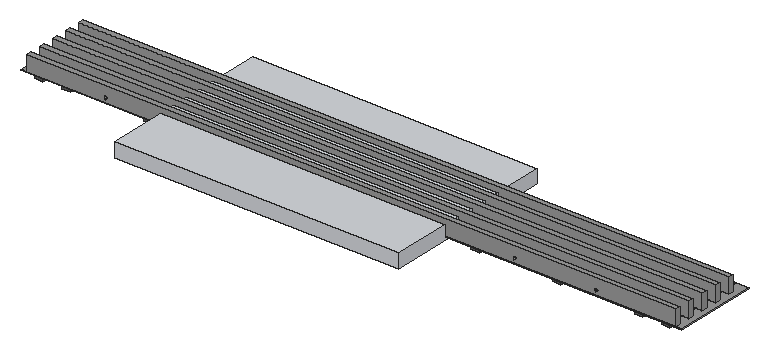
Revit family "1413-5, Solid", category Generic Models, host Face, Revit 2020
Family settings
  Host = Face
  Can host rebar = No
  Round Connector Dimension = Use Diameter
  Part Type = Normal
  Cut with Voids When Loaded = No
  Shared = No
  Room Calculation Point = No
Parameters
  min_value [instance] = 2' - 4"  # constant formula
  max_value [instance] = 11' - 11 1/4"  # constant formula
  actual_value [instance] = if(NET LENGTH < min_value, min_value, if(NET LENGTH > max_value, max_value, NET LENGTH))  # 7' - 11 1/4"
  SCRIM MATERIAL [instance] = SCRIM
  SCRIM APPEARANCE [instance] = yes
  NET LENGTH [instance] = 7' - 11 1/4"
  IMPORTANT NOTE!!!                                                                             *Backer & dowel layout is for visualization purposes only, final layout to be determined by 9Wood. [instance] = ""
  Default Elevation = 4' - 0"
  DOWEL RADIUS [instance] = 0' - 0 1/4"  # constant formula
  BACKER & DOWEL MATERIAL [instance] = BLACK-BACKERS
  .. MEMBER WIDTH [instance] = 0' - 0 3/4"  # constant formula
  .. MEMBER MATERIAL [instance] = Solid Western Hemlock
  .. MEMBER DEPTH [instance] = 0' - 2 1/4"  # constant formula
  .. MEMBER COUNT [instance] = 5  # constant formula
Reference planes (in)
  plane 1 "Center (Front/Back)": y = 0
  plane 2: z = 0
  plane 3 "Center (Left/Right)": x = 0
Forms (in)
  Extrusion 1, solid
    sketch origin (0, 0, 0) x (1, 0, 0) y (0, 1, 0)
      loop
        line (-24.24823, 14.63962) -> (-24.24823, -10.69266) -> (17.36192, -10.69266) -> (17.36192, 14.63962) -> (-24.24823, 14.63962)
    from 0 to 2.0625
Dimensions and locks (in)
  aligned and locked: plane 2 to Extrusion 1
Nested families (in)
  nested 1: "1400 series" at (-44.01308, -2.1224, 0.00189), NET LENGTH <- "actual_value", .. MEMBER DEPTH <- ".. MEMBER DEPTH", .. MEMBER WIDTH <- ".. MEMBER WIDTH", DOWEL RADIUS <- "DOWEL RADIUS", BACKER & DOWEL MATERIAL <- "BACKER & DOWEL MATERIAL", .. MEMBER MATERIAL <- ".. MEMBER MATERIAL", SCRIM MATERIAL <- "SCRIM MATERIAL", MEMBER COUNT <- ".. MEMBER COUNT", SCRIM APPEARANCE <- "SCRIM APPEARANCE", type "1400 series"
    with X 7' - 8", SCRIM MATERIAL SCRIM, SCRIM LENGTH 8' - 1", SCRIM APPEARANCE yes, SCRIM 2 0' - 0 7/8", SCRIM 1 0' - 0 3/32", OC TYP 1' - 0", NET LENGTH 7' - 11 1/4", N 8, MEMBER COUNT 5, INSET 2 0' - 0 3/16", INSET 0' - 1", HALF MEMBER WIDTH 0' - 0 3/8", END BACKER yes, DOWEL RADIUS 0' - 0 1/4", DOWEL INDEX 0' - 11 5/8", DOWEL COUNT 7, BACKING M COUNT 8, BACKER WIDTH 0' - 1 1/4", BACKER INDEX 0' - 5 5/8", BACKER DEPTH 0' - 0 1/2", BACKER & DOWEL MATERIAL BLACK-BACKERS, BACKER &  DOWEL LENGTH 0' - 11 7/8", .. MEMBER WIDTH 0' - 0 3/4", .. MEMBER OC TYP 0' - 2.4", .. MEMBER MATERIAL Solid Western Hemlock, .. MEMBER DEPTH 0' - 2 1/4"
Definition of nested family "1400 series"
  Parameters (values of type "1400 series")
    X [instance] = NET LENGTH - 0' 3 1/4"  # 7' - 2"
    SCRIM MATERIAL [instance] = none
    SCRIM APPEARANCE [instance] = yes
    SCRIM 2 [instance] = 0' - 0 7/8"  # constant formula
    SCRIM 1 [instance] = 0' - 0 3/32"  # constant formula
    OC TYP [instance] = 1' - 0"  # constant formula
    N [instance] = if((X - (rounddown(X / 1' 0") * 1' 0")) > 1' 0", rounddown(X / 1' 0") + 2, rounddown(X / 1' 0") + 1)  # 8
    MEMBER COUNT [instance] = 2
    INSET 5 = 0' - 0 11/16"  # constant formula
    INSET 2 [instance] = 0' - 0 3/16"  # constant formula
    INSET [instance] = 0' - 1"  # constant formula
    END BACKER [instance] = BACKER INDEX > 0' 3 5/8"  # no
    HALF MEMBER WIDTH [instance] = .. MEMBER WIDTH / 2  # 0' - 1 1/8"
    Default Elevation = 0' - 0"
    DOWEL RADIUS [instance] = 0' - 0 1/4"
    DOWEL INDEX [instance] = BACKER INDEX + 0' 6"  # 0' - 8 5/8"
    DOWEL COUNT [instance] = N - 1  # 7
    BACKER WIDTH [instance] = 0' - 1 1/4"  # constant formula
    BACKER INDEX [instance] = (NET LENGTH - ((N - 1) * 1' 0")) / 2  # 0' - 2 5/8"
    BACKER DEPTH [instance] = 0' - 0 1/2"  # constant formula
    BACKING M COUNT [instance] = N  # 8
    BACKER & DOWEL MATERIAL [instance] = none
    BACKER &  DOWEL LENGTH [instance] = 0' - 11 7/8"  # constant formula
    SCRIM LENGTH [instance] = NET LENGTH + (SCRIM 2 * 2)  # 7' - 7"
    .. MEMBER WIDTH [instance] = 0' - 2 1/4"
    .. MEMBER OC TYP [instance] = 1' 0" / MEMBER COUNT  # 0' - 6"
    .. MEMBER MATERIAL [instance] = none
    NET LENGTH [instance] = 7' - 5 1/4"
    .. MEMBER DEPTH [instance] = 0' - 4"
  Reference planes (in)
    plane 1 "Center (Front/Back)": y = 0
    plane 2: z = 0
    plane 3 "Center (Left/Right)": x = 0
    plane 4: x = 89.25
    plane 5: x = 1
    plane 6: x = 88.25
    plane 7: x = 2.625
    plane 8: x = 8.625
    plane 9: x = 14.625
    plane 10: x = 20.625
    plane 11: y = 0.1875
    plane 12: y = 1.125
    plane 13: y = 7.125
    plane 14: y = 12.0625
    plane 15: x = 90.125
    plane 16: x = -0.875
    plane 17: y = 12.15625
    plane 18: y = -0.09375
    plane 19: z = 2.7097
    plane 20: z = 0.49811
    plane 21: z = 0.56061
    plane 22: z = 1.24811
  Lines and regions (in)
    model lines, not visible
      curve 1: line (8.625, 0, 0.99811) -> (8.625, 0, 1.49811)
      curve 2: line (8.625, 0, 1.49811) -> (8.375, 0, 1.24811)
      curve 3: line (8.375, 0, 1.24811) -> (8.875, 0, 1.24811)
      curve 4: line (20.625, 0, 0.99811) -> (20.625, 0, 1.49811)
      curve 5: line (20.625, 0, 1.49811) -> (20.375, 0, 1.24811)
      curve 6: line (20.375, 0, 1.24811) -> (20.875, 0, 1.24811)
      curve 7: line (32.625, 0, 0.99811) -> (32.625, 0, 1.49811)
      curve 8: line (32.625, 0, 1.49811) -> (32.375, 0, 1.24811)
      curve 9: line (32.375, 0, 1.24811) -> (32.875, 0, 1.24811)
      curve 10: line (44.625, 0, 0.99811) -> (44.625, 0, 1.49811)
      curve 11: line (44.625, 0, 1.49811) -> (44.375, 0, 1.24811)
      curve 12: line (44.375, 0, 1.24811) -> (44.875, 0, 1.24811)
      curve 13: line (56.625, 0, 0.99811) -> (56.625, 0, 1.49811)
      curve 14: line (56.625, 0, 1.49811) -> (56.375, 0, 1.24811)
      curve 15: line (56.375, 0, 1.24811) -> (56.875, 0, 1.24811)
      curve 16: line (68.625, 0, 0.99811) -> (68.625, 0, 1.49811)
      curve 17: line (68.625, 0, 1.49811) -> (68.375, 0, 1.24811)
      curve 18: line (68.375, 0, 1.24811) -> (68.875, 0, 1.24811)
      curve 19: line (80.625, 0, 0.99811) -> (80.625, 0, 1.49811)
      curve 20: line (80.625, 0, 1.49811) -> (80.375, 0, 1.24811)
      curve 21: line (80.375, 0, 1.24811) -> (80.875, 0, 1.24811)
  Dimensions and locks (in)
    "INSET": plane 3 "Center (Left/Right)" to plane 5
    "NET LENGTH": plane 3 "Center (Left/Right)" to plane 4
    "INSET": plane 6 to plane 4
    "BACKER INDEX": plane 3 "Center (Left/Right)" to plane 7
    "DOWEL INDEX": plane 3 "Center (Left/Right)" to plane 8
    "OC TYP": plane 7 to plane 9
    "OC TYP": plane 8 to plane 10
    "INSET 2": plane 1 "Center (Front/Back)" to plane 11
    equal spacing: group 1, group 2, group 5, group 6, group 7, group 13, group 14, group 16  (x3)
    equal spacing: group 3, group 4, group 8, group 9, group 10, group 15, group 17  (x3)
    group 11 to group 12 = 0' - 0"  (x2)
    group 11 to group 12 = 0' - 6"
    ".. MEMBER OC TYP": plane 13 to plane 12
    "HALF MEMBER WIDTH": plane 1 "Center (Front/Back)" to plane 12
    "SCRIM 2": plane 16 to plane 3 "Center (Left/Right)"
    "SCRIM 2": plane 4 to plane 15
    "SCRIM 1": plane 18 to plane 1 "Center (Front/Back)"
    "SCRIM 1": plane 17 to plane 14
    "INSET 5": plane 22 to plane 21
    aligned and locked: level to plane 2
    aligned and locked: plane 7 to nested 2
    aligned and locked: plane 5 to nested 1
    aligned and locked: plane 9 to nested 3
    aligned and locked: nested 1 to plane 5
    aligned and locked: nested 2 to plane 11
    aligned and locked: nested 1 to plane 11
    aligned and locked: nested 3 to plane 11
    aligned and locked: nested 4 to plane 11  (x2)
    aligned and locked: plane 10 to nested 5
    aligned and locked: plane 6 to nested 12
    aligned and locked: nested 5 to plane 11
    aligned and locked: plane 11 to nested 12
    aligned and locked: plane 12 to nested 13
    aligned and locked: nested 14 to plane 13
    aligned and locked: plane 14 to nested 8
    aligned and locked: plane 16 to nested 15
    aligned and locked: nested 15 to plane 18
    aligned and locked: nested 15 to plane 17
    aligned and locked: nested 15 to plane 16  (x2)
    aligned and locked: nested 1 to level
    aligned and locked: level to nested 3
    aligned and locked: plane 20 to nested 2
    aligned and locked: plane 20 to nested 1
    aligned and locked: plane 20 to nested 3
    aligned and locked: nested 12 to plane 20
    aligned and locked: nested 15 to plane 20
    aligned and locked: plane 21 to nested 15
    aligned and locked: nested 13 to plane 21
    aligned and locked: plane 22 to nested 4
    aligned and locked: plane 22 to nested 5
    aligned and locked: nested 13 to plane 8
    aligned and locked: plane 10 to nested 13
    aligned and locked: curve 1 to nested 13
    aligned and locked: nested 13 to curve 4
  Automatic sketch dimensions
    curve 3 to curve 1 = 0' - 0 1/4"  (x2)
    curve 1 to curve 3 = 0' - 0 1/4"
    curve 1 to curve 2 = 0' - 0 1/4"
    curve 6 to curve 4 = 0' - 0 1/4"  (x2)
    curve 4 to curve 6 = 0' - 0 1/4"
    curve 4 to curve 5 = 0' - 0 1/4"
    curve 9 to curve 7 = 0' - 0 1/4"  (x2)
    curve 7 to curve 9 = 0' - 0 1/4"
    curve 7 to curve 8 = 0' - 0 1/4"
    curve 12 to curve 10 = 0' - 0 1/4"  (x2)
    curve 10 to curve 12 = 0' - 0 1/4"
    curve 10 to curve 11 = 0' - 0 1/4"
    curve 15 to curve 13 = 0' - 0 1/4"  (x2)
    curve 13 to curve 15 = 0' - 0 1/4"
    curve 13 to curve 14 = 0' - 0 1/4"
    curve 18 to curve 16 = 0' - 0 1/4"  (x2)
    curve 16 to curve 18 = 0' - 0 1/4"
    curve 16 to curve 17 = 0' - 0 1/4"
    curve 21 to curve 19 = 0' - 0 1/4"  (x2)
    curve 19 to curve 21 = 0' - 0 1/4"
    curve 19 to curve 20 = 0' - 0 1/4"
  Nested families (in)
    nested 1: "INSTANCE - 3RD -  EXTEND BOTH SIDES - Parametric Cube.0001" at (1, 0.1875, 0.49811), Length <- "BACKER &  DOWEL LENGTH", Width <- "BACKER WIDTH", Height <- "BACKER DEPTH", Material <- "BACKER & DOWEL MATERIAL", visible <- "END BACKER", type "INSTANCE - 3RD -  EXTEND BOTH SIDES - Parametric Cube.0001"
      with Width 0' - 1 1/4", Material none, Length 0' - 11 7/8", Height 0' - 0 1/2"
    nested 2: "INSTANCE - 2ND -  EXTEND SIDE H CENTER W - Parametric Cube.0001" at (2.625, 0.1875, 0.49811), Width <- "BACKER WIDTH", Length <- "BACKER &  DOWEL LENGTH", Height <- "BACKER DEPTH", Material <- "BACKER & DOWEL MATERIAL", type "INSTANCE - 2ND -  EXTEND SIDE H CENTER W - Parametric Cube.0001"
      with Width 0' - 1 1/4", Material none, Length 0' - 11 7/8", Height 0' - 0 1/2"
    nested 3: "INSTANCE - 2ND -  EXTEND SIDE H CENTER W - Parametric Cube.0001" at (14.625, 0.1875, 0.49811), Width <- "BACKER WIDTH", Length <- "BACKER &  DOWEL LENGTH", Height <- "BACKER DEPTH", Material <- "BACKER & DOWEL MATERIAL", type "INSTANCE - 2ND -  EXTEND SIDE H CENTER W - Parametric Cube.0001"
      with Width 0' - 1 1/4", Material none, Length 0' - 11 7/8", Height 0' - 0 1/2"
    nested 4: "DOWEL" at (-1.375, 0.1875, 1.24811), DOWEL LENGTH <- "BACKER &  DOWEL LENGTH", DOWEL RADII <- "DOWEL RADIUS", BACKING MEM MATERIAL <- "BACKER & DOWEL MATERIAL", type "DOWEL"
      with DOWEL RADII 0' - 0 1/4", DOWEL LENGTH 0' - 11 7/8", BACKING MEM MATERIAL none
    nested 5: "DOWEL" at (10.625, 0.1875, 1.24811), DOWEL LENGTH <- "BACKER &  DOWEL LENGTH", DOWEL RADII <- "DOWEL RADIUS", BACKING MEM MATERIAL <- "BACKER & DOWEL MATERIAL", type "DOWEL"
      with DOWEL RADII 0' - 0 1/4", DOWEL LENGTH 0' - 11 7/8", BACKING MEM MATERIAL none
    nested 6: "INSTANCE - 2ND -  EXTEND SIDE H CENTER W - Parametric Cube.0001" at (26.625, 0.1875, 0.49811), Width <- "BACKER WIDTH", Length <- "BACKER &  DOWEL LENGTH", Height <- "BACKER DEPTH", Material <- "BACKER & DOWEL MATERIAL", type "INSTANCE - 2ND -  EXTEND SIDE H CENTER W - Parametric Cube.0001"
      with Width 0' - 1 1/4", Material none, Length 0' - 11 7/8", Height 0' - 0 1/2"
    nested 7: "INSTANCE - 2ND -  EXTEND SIDE H CENTER W - Parametric Cube.0001" at (38.625, 0.1875, 0.49811), Width <- "BACKER WIDTH", Length <- "BACKER &  DOWEL LENGTH", Height <- "BACKER DEPTH", Material <- "BACKER & DOWEL MATERIAL", type "INSTANCE - 2ND -  EXTEND SIDE H CENTER W - Parametric Cube.0001"
      with Width 0' - 1 1/4", Material none, Length 0' - 11 7/8", Height 0' - 0 1/2"
    nested 8: "INSTANCE - 2ND -  EXTEND SIDE H CENTER W - Parametric Cube.0001" at (50.625, 0.1875, 0.49811), Width <- "BACKER WIDTH", Length <- "BACKER &  DOWEL LENGTH", Height <- "BACKER DEPTH", Material <- "BACKER & DOWEL MATERIAL", type "INSTANCE - 2ND -  EXTEND SIDE H CENTER W - Parametric Cube.0001"
      with Width 0' - 1 1/4", Material none, Length 0' - 11 7/8", Height 0' - 0 1/2"
    nested 9: "DOWEL" at (22.625, 0.1875, 1.24811), DOWEL LENGTH <- "BACKER &  DOWEL LENGTH", DOWEL RADII <- "DOWEL RADIUS", BACKING MEM MATERIAL <- "BACKER & DOWEL MATERIAL", type "DOWEL"
      with DOWEL RADII 0' - 0 1/4", DOWEL LENGTH 0' - 11 7/8", BACKING MEM MATERIAL none
    nested 10: "DOWEL" at (34.625, 0.1875, 1.24811), DOWEL LENGTH <- "BACKER &  DOWEL LENGTH", DOWEL RADII <- "DOWEL RADIUS", BACKING MEM MATERIAL <- "BACKER & DOWEL MATERIAL", type "DOWEL"
      with DOWEL RADII 0' - 0 1/4", DOWEL LENGTH 0' - 11 7/8", BACKING MEM MATERIAL none
    nested 11: "DOWEL" at (46.625, 0.1875, 1.24811), DOWEL LENGTH <- "BACKER &  DOWEL LENGTH", DOWEL RADII <- "DOWEL RADIUS", BACKING MEM MATERIAL <- "BACKER & DOWEL MATERIAL", type "DOWEL"
      with DOWEL RADII 0' - 0 1/4", DOWEL LENGTH 0' - 11 7/8", BACKING MEM MATERIAL none
    nested 12: "INSTANCE - 3RD -  EXTEND BOTH SIDES - Parametric Cube.0001" at (88.25, 0.1875, 0.49811) x (-1, 0, 0) z (0, 0, 1), Width <- "BACKER WIDTH", Length <- "BACKER &  DOWEL LENGTH", Height <- "BACKER DEPTH", Material <- "BACKER & DOWEL MATERIAL", visible <- "END BACKER", type "INSTANCE - 3RD -  EXTEND BOTH SIDES - Parametric Cube.0001"
      with Width 0' - 1 1/4", Material none, Length 0' - 11 7/8", Height 0' - 0 1/2"
    nested 13: "HOLED MEMBER" at (0, -9.75, 8.12965), DOWEL INDEX <- "DOWEL INDEX", .. MEMBER LENGTH <- "NET LENGTH", .. MEMBER WIDTH <- ".. MEMBER WIDTH", DOWEL OC DIST <- "OC TYP", DOWEL RADII <- "DOWEL RADIUS", Material <- ".. MEMBER MATERIAL", DEPTH <- ".. MEMBER DEPTH", DOWEL COUNT <- "DOWEL COUNT", Space <- "INSET 5", type "HOLED MEMBER"
      with Space 0' - 0 11/16", Material none, Height 0' - 10.43096", HALF MEMBER WIDTH 0' - 1 1/8", DOWEL RADII 0' - 0 1/4", DOWEL OC DIST 1' - 0", DOWEL INDEX 0' - 8 5/8", DOWEL COUNT 7, DEPTH 0' - 4", .. MEMBER WIDTH 0' - 2 1/4", .. MEMBER LENGTH 7' - 5 1/4"
    nested 14: "HOLED MEMBER" at (0, -3.75, 8.12965), DOWEL INDEX <- "DOWEL INDEX", .. MEMBER LENGTH <- "NET LENGTH", .. MEMBER WIDTH <- ".. MEMBER WIDTH", DOWEL OC DIST <- "OC TYP", DOWEL RADII <- "DOWEL RADIUS", Material <- ".. MEMBER MATERIAL", DEPTH <- ".. MEMBER DEPTH", DOWEL COUNT <- "DOWEL COUNT", Space <- "INSET 5", type "HOLED MEMBER"
      with Space 0' - 0 11/16", Material none, Height 0' - 10.43096", HALF MEMBER WIDTH 0' - 1 1/8", DOWEL RADII 0' - 0 1/4", DOWEL OC DIST 1' - 0", DOWEL INDEX 0' - 8 5/8", DOWEL COUNT 7, DEPTH 0' - 4", .. MEMBER WIDTH 0' - 2 1/4", .. MEMBER LENGTH 7' - 5 1/4"
    nested 15: "INSTANCE - 3RD -  EXTEND BOTH SIDES - Parametric Cube.0001" at (-0.875, -0.09375, 0.56061), Width <- "SCRIM LENGTH", Material <- "SCRIM MATERIAL", visible <- "SCRIM APPEARANCE", type "INSTANCE - 3RD -  EXTEND BOTH SIDES - Parametric Cube.0001"
      with Width 7' - 7", Material none, Length 1' - 0 1/4", Height 0' - 0 1/16"
    nested 16: "INSTANCE - 2ND -  EXTEND SIDE H CENTER W - Parametric Cube.0001" at (62.625, 0.1875, 0.49811), Width <- "BACKER WIDTH", Length <- "BACKER &  DOWEL LENGTH", Height <- "BACKER DEPTH", Material <- "BACKER & DOWEL MATERIAL", type "INSTANCE - 2ND -  EXTEND SIDE H CENTER W - Parametric Cube.0001"
      with Width 0' - 1 1/4", Material none, Length 0' - 11 7/8", Height 0' - 0 1/2"
    nested 17: "INSTANCE - 2ND -  EXTEND SIDE H CENTER W - Parametric Cube.0001" at (74.625, 0.1875, 0.49811), Width <- "BACKER WIDTH", Length <- "BACKER &  DOWEL LENGTH", Height <- "BACKER DEPTH", Material <- "BACKER & DOWEL MATERIAL", type "INSTANCE - 2ND -  EXTEND SIDE H CENTER W - Parametric Cube.0001"
      with Width 0' - 1 1/4", Material none, Length 0' - 11 7/8", Height 0' - 0 1/2"
    nested 18: "DOWEL" at (58.625, 0.1875, 1.24811), DOWEL LENGTH <- "BACKER &  DOWEL LENGTH", DOWEL RADII <- "DOWEL RADIUS", BACKING MEM MATERIAL <- "BACKER & DOWEL MATERIAL", type "DOWEL"
      with DOWEL RADII 0' - 0 1/4", DOWEL LENGTH 0' - 11 7/8", BACKING MEM MATERIAL none
    nested 19: "INSTANCE - 2ND -  EXTEND SIDE H CENTER W - Parametric Cube.0001" at (86.625, 0.1875, 0.49811), Width <- "BACKER WIDTH", Length <- "BACKER &  DOWEL LENGTH", Height <- "BACKER DEPTH", Material <- "BACKER & DOWEL MATERIAL", type "INSTANCE - 2ND -  EXTEND SIDE H CENTER W - Parametric Cube.0001"
      with Width 0' - 1 1/4", Material none, Length 0' - 11 7/8", Height 0' - 0 1/2"
    nested 20: "DOWEL" at (70.625, 0.1875, 1.24811), DOWEL LENGTH <- "BACKER &  DOWEL LENGTH", DOWEL RADII <- "DOWEL RADIUS", BACKING MEM MATERIAL <- "BACKER & DOWEL MATERIAL", type "DOWEL"
      with DOWEL RADII 0' - 0 1/4", DOWEL LENGTH 0' - 11 7/8", BACKING MEM MATERIAL none
  Definition of nested family "INSTANCE - 3RD -  EXTEND BOTH SIDES - Parametric Cube.0001"
    Parameters (values of type "INSTANCE - 3RD -  EXTEND BOTH SIDES - Parametric Cube.0001")
      Width [instance] = 0' - 6"
      Material [instance] = none
      Length [instance] = 1' - 0"
      Height [instance] = 1' - 6"
      Default Elevation = 0' - 0"
    Reference planes (in)
      plane 1 "Center (Front/Back)": y = 0
      plane 2: z = 0
      plane 3 "Center (Left/Right)": x = 0
      plane 4: x = 6
      plane 5: y = 12
      plane 6: z = -18
    Forms (in)
      Extrusion 1, solid, material <- "Material"
        sketch origin (0, 6, 0) x (1, 0, 0) y (0, 1, 0)
          loop
            line (0, 6) -> (0, -6) -> (6, -6) -> (6, 6) -> (0, 6)
        from -18 to 0
    Dimensions and locks (in)
      "Height": plane 6 to level
      "Length": plane 1 "Center (Front/Back)" to plane 5
      "Width": plane 3 "Center (Left/Right)" to plane 4
      aligned and locked: plane 2 to level
      aligned and locked: Extrusion 1 sketch curve to plane 4
      aligned and locked: Extrusion 1 to plane 6
      aligned and locked: plane 5 to Extrusion 1
      aligned and locked: Extrusion 1 to plane 3 "Center (Left/Right)"
    Automatic sketch dimensions
      plane 1 "Center (Front/Back)" to Extrusion 1 sketch curve = 0' - 0"
      plane 5 to Extrusion 1 sketch curve = 0' - 0"
      Extrusion 1 sketch curve to plane 3 "Center (Left/Right)" = 0' - 0"
  Definition of nested family "INSTANCE - 2ND -  EXTEND SIDE H CENTER W - Parametric Cube.0001"
    Parameters (values of type "INSTANCE - 2ND -  EXTEND SIDE H CENTER W - Parametric Cube.0001")
      Width [instance] = 0' - 6"
      Material [instance] = none
      Length [instance] = 1' - 0"
      Height [instance] = 1' - 6"
      Default Elevation = 0' - 0"
    Reference planes (in)
      plane 1 "Center (Front/Back)": y = 0
      plane 2: z = 0
      plane 3 "Center (Left/Right)": x = 0
      plane 4: x = -3
      plane 5: x = 3
      plane 6: y = 12
      plane 7: z = -18
    Forms (in)
      Extrusion 1, solid, material <- "Material"
        sketch origin (0, 6, 0) x (1, 0, 0) y (0, 1, 0)
          loop
            line (-3, 6) -> (-3, -6) -> (3, -6) -> (3, 6) -> (-3, 6)
        from -18 to 0
    Dimensions and locks (in)
      equal spacing: plane 4, plane 3 "Center (Left/Right)", plane 5
      "Width": plane 4 to plane 5
      "Height": plane 7 to level
      "Length": plane 1 "Center (Front/Back)" to plane 6
      aligned and locked: plane 2 to level
      aligned and locked: plane 4 to Extrusion 1 sketch curve
      aligned and locked: Extrusion 1 sketch curve to plane 5
      aligned and locked: Extrusion 1 to plane 7
      aligned and locked: plane 6 to Extrusion 1
    Automatic sketch dimensions
      plane 1 "Center (Front/Back)" to Extrusion 1 sketch curve = 0' - 0"
      plane 6 to Extrusion 1 sketch curve = 0' - 0"
  Definition of nested family "DOWEL"
    Parameters (values of type "DOWEL")
      Default Elevation = 0' - 0"
      DOWEL RADII [instance] = 0' - 0 5/8"
      DOWEL LENGTH [instance] = 1' - 0"
      BACKING MEM MATERIAL [instance] = none
    Reference planes (in)
      plane 1 "Center (Front/Back)": y = 0
      plane 2: z = 0
      plane 3 "Center (Left/Right)": x = 0
      plane 4: y = 12
    Forms (in)
      Extrusion 1, solid, material <- "BACKING MEM MATERIAL"
        sketch origin (10, 0, 0) x (1, 0, 0) y (0, 0, 1)
          loop
            circle (0, 0) r 0.625
        from 0 to -12
      Extrusion 2, solid, not visible
        sketch origin (0, 0, 0) x (1, 0, 0) y (0, 0, 1)
          loop
            circle (0, 0) r 0.625
        from 0 to 12
      Extrusion 3, solid, not visible
        sketch origin (10, 0, 0) x (1, 0, 0) y (0, 0, 1)
          loop
            circle (0, 0) r 0.625
        from 0 to 2.5
      Extrusion 4, solid, not visible
        sketch origin (10, 0, 0) x (1, 0, 0) y (0, 0, 1)
          loop
            circle (0, 0) r 0.625
        from 0 to -12
    Lines and regions (in)
      model lines, not visible
        curve 1: line (-13, 0, 0) -> (-13, -12, 0)
        curve 2: line (13, 0, 0) -> (13, -12, 0)
        curve 3: line (9.89453, 0, 0) -> (10.08794, 0, 0)
        curve 4: line (9.89453, -2.5, 0) -> (10.08794, -2.5, 0)
        curve 6: line (10, 0, 0) -> (10, 2, 0)
      model lines
        curve 5: line (10, 0, 0) -> (10, 2, 0)
    Dimensions and locks (in)
      "DOWEL LENGTH": plane 1 "Center (Front/Back)" to plane 4
      "DOWEL RADII": radius of Extrusion 1 sketch curve
      "DOWEL RADII": radius of Extrusion 2 sketch curve
      "DOWEL RADII": radius of Extrusion 3 sketch curve
      "DOWEL RADII": radius of Extrusion 4 sketch curve
      "DOWEL RADII": radius of Extrusion 1
      aligned and locked: plane 2 to level
      aligned and locked: Extrusion 1 to plane 1 "Center (Front/Back)"  (x3)
      aligned and locked: plane 1 "Center (Front/Back)" to Extrusion 1
      aligned and locked: plane 4 to Extrusion 1
    Automatic sketch dimensions
      plane 1 "Center (Front/Back)" to curve 5 = 0' - 0"
      curve 5 to plane 1 "Center (Front/Back)" = 0' - 2"
      plane 3 "Center (Left/Right)" to curve 5 = 0' - 10"
      Extrusion 1 sketch curve to level = 0' - 0"
      plane 3 "Center (Left/Right)" to Extrusion 1 sketch curve = 0' - 10"
  Definition of nested family "HOLED MEMBER"
    Parameters (values of type "HOLED MEMBER")
      Space [instance] = 0' - 0 5/8"
      Material [instance] = none
      Height [instance] = 0' - 10.43096"
      HALF MEMBER WIDTH [instance] = .. MEMBER WIDTH / 2  # 0' - 0 5/16"
      Default Elevation = 0' - 0"
      DOWEL RADII [instance] = 0' - 0.34537"
      DOWEL OC DIST [instance] = 1' - 0"
      DOWEL INSET = 0' - 0 5/8"
      DOWEL INDEX [instance] = 0' - 5 5/8"
      DOWEL COUNT [instance] = 6
      DEPTH [instance] = 0' - 2"
      .. MEMBER WIDTH [instance] = 0' - 0 5/8"
      .. MEMBER LENGTH [instance] = 5' - 11 3/4"
    Reference planes (in)
      plane 1 "Center (Front/Back)": y = 12
      plane 2: z = -7.56904
      plane 3 "Center (Left/Right)": x = 0
      plane 4: x = 5.625
      plane 5: x = 17.625
      plane 6: y = 11.375
      plane 7: x = 71.75
      plane 8: y = 11.6875
      plane 9: z = -6.94404
      plane 10: z = -5.56904
    Forms (in)
      Extrusion 1, solid, material <- "Material"
        sketch origin (0, 12, -13.56904) x (1, 0, 0) y (0, 0, 1)
          loop
            line (0, 6) -> (71.75, 6) -> (71.75, 8) -> (0, 8) -> (0, 6)
        from 0.625 to 0
      Extrusion 2, void
        sketch origin (0, 12, -18.31904) x (1, 0, 0) y (0, 0, 1)
          loop
            circle (5.625, 11.375) r 0.34537
        from 0 to 12
      Extrusion 3, void, not visible
        sketch origin (0, 0, 0) x (1, 0, 0) y (0, 1, 0)
          loop
            circle (5.625, 11.375) r 0.34537
        from 0 to 12
      Extrusion 4, void, not visible
        sketch origin (0, 0, 0) x (1, 0, 0) y (0, 1, 0)
          loop
            circle (5.625, 11.375) r 0.34537
        from 0 to 12
      Extrusion 5, void, not visible
        sketch origin (12, 0, 0) x (1, 0, 0) y (0, 1, 0)
          loop
            circle (5.625, 11.375) r 0.34537
        from 0 to 12
      Extrusion 6, void, not visible
        sketch origin (0, 12, -17.56904) x (1, 0, 0) y (0, 0, 1)
          loop
            circle (5.625, 11.375) r 0.34537
        from 0 to 12
      Extrusion 7, void, not visible
        sketch origin (12, 12, -17.56904) x (1, 0, 0) y (0, 0, 1)
          loop
            circle (5.625, 11.375) r 0.34537
        from 0 to 12
      Extrusion 8, void, not visible
        sketch origin (0, 12, -19.56904) x (1, 0, 0) y (0, 0, 1)
          loop
            circle (5.625, 11.375) r 0.34537
        from 0 to 12
      Extrusion 9, void
        sketch origin (12, 12, -18.31904) x (1, 0, 0) y (0, 0, 1)
          loop
            circle (5.625, 11.375) r 0.34537
        from 0 to 12
      Extrusion 10, void
        sketch origin (24, 12, -18.31904) x (1, 0, 0) y (0, 0, 1)
          loop
            circle (5.625, 11.375) r 0.34537
        from 0 to 12
      Extrusion 11, void
        sketch origin (36, 12, -18.31904) x (1, 0, 0) y (0, 0, 1)
          loop
            circle (5.625, 11.375) r 0.34537
        from 0 to 12
      Extrusion 12, void
        sketch origin (48, 12, -18.31904) x (1, 0, 0) y (0, 0, 1)
          loop
            circle (5.625, 11.375) r 0.34537
        from 0 to 12
      Extrusion 13, void
        sketch origin (60, 12, -18.31904) x (1, 0, 0) y (0, 0, 1)
          loop
            circle (5.625, 11.375) r 0.34537
        from 0 to 12
      Extrusion 14, void, not visible
        sketch origin (24, 12, -17.56904) x (1, 0, 0) y (0, 0, 1)
          loop
            circle (5.625, 11.375) r 0.34537
        from 0 to 12
      Extrusion 15, void, not visible
        sketch origin (36, 12, -17.56904) x (1, 0, 0) y (0, 0, 1)
          loop
            circle (5.625, 11.375) r 0.34537
        from 0 to 12
      Extrusion 16, void, not visible
        sketch origin (48, 12, -17.56904) x (1, 0, 0) y (0, 0, 1)
          loop
            circle (5.625, 11.375) r 0.34537
        from 0 to 12
      Extrusion 17, void, not visible
        sketch origin (60, 12, -17.56904) x (1, 0, 0) y (0, 0, 1)
          loop
            circle (5.625, 11.375) r 0.34537
        from 0 to 12
      Extrusion 18, void, not visible
        sketch origin (24, 0, 0) x (1, 0, 0) y (0, 1, 0)
          loop
            circle (5.625, 11.375) r 0.34537
        from 0 to 12
      Extrusion 19, void, not visible
        sketch origin (36, 0, 0) x (1, 0, 0) y (0, 1, 0)
          loop
            circle (5.625, 11.375) r 0.34537
        from 0 to 12
      Extrusion 20, void, not visible
        sketch origin (48, 0, 0) x (1, 0, 0) y (0, 1, 0)
          loop
            circle (5.625, 11.375) r 0.34537
        from 0 to 12
      Extrusion 21, void, not visible
        sketch origin (60, 0, 0) x (1, 0, 0) y (0, 1, 0)
          loop
            circle (5.625, 11.375) r 0.34537
        from 0 to 12
    Cuts and joins
      Extrusion 2, Extrusion 9, Extrusion 10, Extrusion 11, Extrusion 12, Extrusion 13 cuts Extrusion 1
    Lines and regions (in)
      model lines, not visible
        curve 1: line (5.625, 11.72037, 0) -> (5.625, 11.02963, 0)
        curve 2: line (5.625, 11.72037, 0) -> (5.625, 11.02963, 0)
        curve 3: line (17.625, 11.72037, 0) -> (17.625, 11.02963, 0)
        curve 4: line (5.625, 12, -7.56904) -> (5.625, 11.87317, -7.56904)
        curve 5: line (5.625, 11.87317, -7.56904) -> (5.06195, 11.87317, -7.56904)
        curve 6: line (5.06195, 11.87317, -7.56904) -> (5.27963, 11.375, -7.56904)
        curve 7: line (0, 12, -6.19404) -> (0, 11.61951, -6.19404)
        curve 9: line (0, 11.375, -8.19404) -> (0, 11.6747, -8.19404)
        curve 10: line (5.625, 12, -7.56904) -> (5.625, 11.69863, -7.56904)
        curve 11: line (5.625, 12, -7.56904) -> (5.625, 11.69863, -7.56904)
        curve 12: line (5.625, 10.75, 0) -> (5.625, 10.75, 0.30137)
        curve 13: line (5.625, 10.75, 0) -> (5.625, 10.75, 0.30137)
        curve 14: line (17.625, 10.75, 0) -> (17.625, 10.75, 0.30137)
        curve 15: line (5.625, 12, -6.81904) -> (5.625, 11.69863, -6.81904)
        curve 16: line (17.625, 12, -6.81904) -> (17.625, 11.69863, -6.81904)
        curve 17: line (5.625, 12, -8.81904) -> (5.625, 11.69863, -8.81904)
        curve 18: line (17.625, 12, -7.56904) -> (17.625, 11.69863, -7.56904)
        curve 19: line (29.625, 12, -7.56904) -> (29.625, 11.69863, -7.56904)
        curve 20: line (41.625, 12, -7.56904) -> (41.625, 11.69863, -7.56904)
        curve 21: line (53.625, 12, -7.56904) -> (53.625, 11.69863, -7.56904)
        curve 22: line (65.625, 12, -7.56904) -> (65.625, 11.69863, -7.56904)
        curve 23: line (29.625, 12, -6.81904) -> (29.625, 11.69863, -6.81904)
        curve 24: line (41.625, 12, -6.81904) -> (41.625, 11.69863, -6.81904)
        curve 25: line (53.625, 12, -6.81904) -> (53.625, 11.69863, -6.81904)
        curve 26: line (65.625, 12, -6.81904) -> (65.625, 11.69863, -6.81904)
        curve 27: line (29.625, 11.72037, 0) -> (29.625, 11.02963, 0)
        curve 28: line (29.625, 10.75, 0) -> (29.625, 10.75, 0.30137)
        curve 29: line (41.625, 11.72037, 0) -> (41.625, 11.02963, 0)
        curve 30: line (41.625, 10.75, 0) -> (41.625, 10.75, 0.30137)
        curve 31: line (53.625, 11.72037, 0) -> (53.625, 11.02963, 0)
        curve 32: line (53.625, 10.75, 0) -> (53.625, 10.75, 0.30137)
        curve 33: line (65.625, 11.72037, 0) -> (65.625, 11.02963, 0)
        curve 34: line (65.625, 10.75, 0) -> (65.625, 10.75, 0.30137)
        curve 35: line (5.27963, 12, -6.94404) -> (5.97037, 12, -6.94404)
        curve 36: line (5.97037, 12, -6.94404) -> (5.625, 12, -6.59867)
        curve 37: line (5.625, 12, -6.59867) -> (5.625, 12, -7.28941)
        curve 38: line (5.27963, 11.375, 0) -> (5.97037, 11.375, 0)
        curve 39: line (5.97037, 11.375, 0) -> (5.625, 11.72037, 0)
        curve 40: line (5.625, 11.72037, 0) -> (5.625, 11.02963, 0)
        curve 41: line (5.27963, 11.375, 0) -> (5.97037, 11.375, 0)
        curve 42: line (5.97037, 11.375, 0) -> (5.625, 11.72037, 0)
        curve 43: line (5.625, 11.72037, 0) -> (5.625, 11.02963, 0)
        curve 44: line (17.27963, 11.375, 0) -> (17.97037, 11.375, 0)
        curve 45: line (17.97037, 11.375, 0) -> (17.625, 11.72037, 0)
        curve 46: line (17.625, 11.72037, 0) -> (17.625, 11.02963, 0)
        curve 47: line (5.27963, 12, -6.19404) -> (5.97037, 12, -6.19404)
        curve 48: line (5.97037, 12, -6.19404) -> (5.625, 12, -5.84867)
        curve 49: line (5.625, 12, -5.84867) -> (5.625, 12, -6.53941)
        curve 50: line (17.27963, 12, -6.19404) -> (17.97037, 12, -6.19404)
        curve 51: line (17.97037, 12, -6.19404) -> (17.625, 12, -5.84867)
        curve 52: line (17.625, 12, -5.84867) -> (17.625, 12, -6.53941)
        curve 53: line (5.27963, 12, -8.19404) -> (5.97037, 12, -8.19404)
        curve 54: line (5.97037, 12, -8.19404) -> (5.625, 12, -7.84867)
        curve 55: line (5.625, 12, -7.84867) -> (5.625, 12, -8.53941)
        curve 56: line (17.27963, 12, -6.94404) -> (17.97037, 12, -6.94404)
        curve 57: line (17.97037, 12, -6.94404) -> (17.625, 12, -6.59867)
        curve 58: line (17.625, 12, -6.59867) -> (17.625, 12, -7.28941)
        curve 59: line (29.27963, 12, -6.94404) -> (29.97037, 12, -6.94404)
        curve 60: line (29.97037, 12, -6.94404) -> (29.625, 12, -6.59867)
        curve 61: line (29.625, 12, -6.59867) -> (29.625, 12, -7.28941)
        curve 62: line (41.27963, 12, -6.94404) -> (41.97037, 12, -6.94404)
        curve 63: line (41.97037, 12, -6.94404) -> (41.625, 12, -6.59867)
        curve 64: line (41.625, 12, -6.59867) -> (41.625, 12, -7.28941)
        curve 65: line (53.27963, 12, -6.94404) -> (53.97037, 12, -6.94404)
        curve 66: line (53.97037, 12, -6.94404) -> (53.625, 12, -6.59867)
        curve 67: line (53.625, 12, -6.59867) -> (53.625, 12, -7.28941)
        curve 68: line (65.27963, 12, -6.94404) -> (65.97037, 12, -6.94404)
        curve 69: line (65.97037, 12, -6.94404) -> (65.625, 12, -6.59867)
        curve 70: line (65.625, 12, -6.59867) -> (65.625, 12, -7.28941)
        curve 71: line (29.27963, 12, -6.19404) -> (29.97037, 12, -6.19404)
        curve 72: line (29.97037, 12, -6.19404) -> (29.625, 12, -5.84867)
        curve 73: line (29.625, 12, -5.84867) -> (29.625, 12, -6.53941)
        curve 74: line (41.27963, 12, -6.19404) -> (41.97037, 12, -6.19404)
        curve 75: line (41.97037, 12, -6.19404) -> (41.625, 12, -5.84867)
        curve 76: line (41.625, 12, -5.84867) -> (41.625, 12, -6.53941)
        curve 77: line (53.27963, 12, -6.19404) -> (53.97037, 12, -6.19404)
        curve 78: line (53.97037, 12, -6.19404) -> (53.625, 12, -5.84867)
        curve 79: line (53.625, 12, -5.84867) -> (53.625, 12, -6.53941)
        curve 80: line (65.27963, 12, -6.19404) -> (65.97037, 12, -6.19404)
        curve 81: line (65.97037, 12, -6.19404) -> (65.625, 12, -5.84867)
        curve 82: line (65.625, 12, -5.84867) -> (65.625, 12, -6.53941)
        curve 83: line (29.27963, 11.375, 0) -> (29.97037, 11.375, 0)
        curve 84: line (29.97037, 11.375, 0) -> (29.625, 11.72037, 0)
        curve 85: line (29.625, 11.72037, 0) -> (29.625, 11.02963, 0)
        curve 86: line (41.27963, 11.375, 0) -> (41.97037, 11.375, 0)
        curve 87: line (41.97037, 11.375, 0) -> (41.625, 11.72037, 0)
        curve 88: line (41.625, 11.72037, 0) -> (41.625, 11.02963, 0)
        curve 89: line (53.27963, 11.375, 0) -> (53.97037, 11.375, 0)
        curve 90: line (53.97037, 11.375, 0) -> (53.625, 11.72037, 0)
        curve 91: line (53.625, 11.72037, 0) -> (53.625, 11.02963, 0)
        curve 92: line (65.27963, 11.375, 0) -> (65.97037, 11.375, 0)
        curve 93: line (65.97037, 11.375, 0) -> (65.625, 11.72037, 0)
        curve 94: line (65.625, 11.72037, 0) -> (65.625, 11.02963, 0)
      model lines
        curve 8: line (5.625, 12, -7.56904) -> (5.625, 11.69863, -7.56904)
    Dimensions and locks (in)
      "DOWEL INDEX": plane 3 "Center (Left/Right)" to plane 4
      "DOWEL OC DIST": plane 4 to plane 5
      ".. MEMBER LENGTH": plane 3 "Center (Left/Right)" to plane 7
      equal spacing: group 3, group 4, group 21, group 22, group 23, group 24  (x3)
      equal spacing: group 7, group 8, group 17, group 18, group 19, group 20  (x3)
      ".. MEMBER WIDTH": plane 6 to plane 1 "Center (Front/Back)"
      "HALF MEMBER WIDTH": plane 8 to plane 1 "Center (Front/Back)"
      equal spacing: group 1, group 12, group 13, group 14, group 15, group 16  (x2)
      equal spacing: group 16, group 15, group 14, group 13, group 12, group 1
      "DEPTH": plane 10 to level
      "Space": plane 9 to level
      "DOWEL RADII": radius of Extrusion 2 sketch curve
      "DOWEL RADII": radius of Extrusion 3 sketch curve
      "DOWEL RADII": radius of Extrusion 4 sketch curve
      "DOWEL RADII": radius of Extrusion 5 sketch curve
      "DOWEL RADII": radius of Extrusion 6 sketch curve
      "DOWEL RADII": radius of Extrusion 7 sketch curve
      "DOWEL RADII": radius of Extrusion 8 sketch curve
      "DOWEL RADII": radius of Extrusion 9 sketch curve
      "DOWEL RADII": radius of Extrusion 10 sketch curve
      "DOWEL RADII": radius of Extrusion 11 sketch curve
      "DOWEL RADII": radius of Extrusion 12 sketch curve
      "DOWEL RADII": radius of Extrusion 13 sketch curve
      "DOWEL RADII": radius of Extrusion 14 sketch curve
      "DOWEL RADII": radius of Extrusion 15 sketch curve
      "DOWEL RADII": radius of Extrusion 16 sketch curve
      "DOWEL RADII": radius of Extrusion 17 sketch curve
      "DOWEL RADII": radius of Extrusion 18 sketch curve
      "DOWEL RADII": radius of Extrusion 19 sketch curve
      "DOWEL RADII": radius of Extrusion 20 sketch curve
      "DOWEL RADII": radius of Extrusion 21 sketch curve
      aligned and locked: level to plane 2
      aligned and locked: Extrusion 1 to plane 3 "Center (Left/Right)"  (x2)
      aligned and locked: plane 7 to cut or joined group of Extrusion 1, Extrusion 2, Extrusion 9, Extrusion 10, Extrusion 11, Extrusion 12, Extrusion 13  (x2)
      aligned and locked: cut or joined group of Extrusion 1, Extrusion 2, Extrusion 9, Extrusion 10, Extrusion 11, Extrusion 12, Extrusion 13 to plane 1 "Center (Front/Back)"  (x2)
      aligned and locked: cut or joined group of Extrusion 1, Extrusion 2, Extrusion 9, Extrusion 10, Extrusion 11, Extrusion 12, Extrusion 13 to plane 6  (x2)
      aligned and locked: plane 4 to curve 11
      aligned and locked: curve 18 to plane 5
      aligned and locked: plane 4 to group 1
      aligned and locked: group 12 to plane 5
      aligned and locked: curve 35 to plane 9
      aligned and locked: plane 4 to curve 37
      aligned and locked: curve 56 to plane 9
      aligned and locked: curve 58 to plane 5
      aligned and locked: plane 10 to cut or joined group of Extrusion 1, Extrusion 2, Extrusion 9, Extrusion 10, Extrusion 11, Extrusion 12, Extrusion 13  (x2)
      aligned and locked: cut or joined group of Extrusion 1, Extrusion 2, Extrusion 9, Extrusion 10, Extrusion 11, Extrusion 12, Extrusion 13 to level
      aligned and locked: level to cut or joined group of Extrusion 1, Extrusion 2, Extrusion 9, Extrusion 10, Extrusion 11, Extrusion 12, Extrusion 13
    Automatic sketch dimensions
      curve 1 to curve 1 = 0' - 0.69074"
      curve 2 to curve 2 = 0' - 0.69074"
      curve 3 to curve 3 = 0' - 0.69074"
      Extrusion 1 sketch curve to plane 3 "Center (Left/Right)" = 0' - 0"
      Extrusion 1 sketch curve to plane 7 = 0' - 0"
      Extrusion 1 sketch curve to Extrusion 1 sketch curve = 0' - 2"
      Extrusion 1 sketch curve to level = 0' - 0"
      curve 8 to curve 8 = 0' - 0.30137"
      curve 10 to curve 10 = 0' - 0.30137"
      curve 8 to plane 4 = 0' - 0"
      plane 1 "Center (Front/Back)" to curve 8 = 0' - 0"
      plane 1 "Center (Front/Back)" to curve 8 = 0' - 0.30137"
      curve 11 to curve 11 = 0' - 0.30137"
      curve 12 to curve 12 = 0' - 0.30137"
      curve 13 to curve 13 = 0' - 0.30137"
      curve 14 to curve 14 = 0' - 0.30137"
      curve 15 to curve 15 = 0' - 0.30137"
      curve 16 to curve 16 = 0' - 0.30137"
      curve 17 to curve 17 = 0' - 0.30137"
      curve 18 to curve 18 = 0' - 0.30137"
      curve 19 to curve 19 = 0' - 0.30137"
      curve 20 to curve 20 = 0' - 0.30137"
      curve 21 to curve 21 = 0' - 0.30137"
      curve 22 to curve 22 = 0' - 0.30137"
      curve 23 to curve 23 = 0' - 0.30137"
      curve 24 to curve 24 = 0' - 0.30137"
      curve 25 to curve 25 = 0' - 0.30137"
      curve 26 to curve 26 = 0' - 0.30137"
      curve 27 to curve 27 = 0' - 0.69074"
      curve 28 to curve 28 = 0' - 0.30137"
      curve 29 to curve 29 = 0' - 0.69074"
      curve 30 to curve 30 = 0' - 0.30137"
      curve 31 to curve 31 = 0' - 0.69074"
      curve 32 to curve 32 = 0' - 0.30137"
      curve 33 to curve 33 = 0' - 0.69074"
      curve 34 to curve 34 = 0' - 0.30137"
      curve 37 to curve 35 = 0' - 0.34537"  (x2)
      curve 35 to curve 36 = 0' - 0.34537"
      curve 35 to curve 37 = 0' - 0.34537"
      curve 40 to curve 38 = 0' - 0.34537"  (x2)
      curve 38 to curve 39 = 0' - 0.34537"
      curve 38 to curve 40 = 0' - 0.34537"
      curve 43 to curve 41 = 0' - 0.34537"  (x2)
      curve 41 to curve 42 = 0' - 0.34537"
      curve 41 to curve 43 = 0' - 0.34537"
      curve 46 to curve 44 = 0' - 0.34537"  (x2)
      curve 44 to curve 45 = 0' - 0.34537"
      curve 44 to curve 46 = 0' - 0.34537"
      curve 49 to curve 47 = 0' - 0.34537"  (x2)
      curve 47 to curve 48 = 0' - 0.34537"
      curve 47 to curve 49 = 0' - 0.34537"
      curve 52 to curve 50 = 0' - 0.34537"  (x2)
      curve 50 to curve 51 = 0' - 0.34537"
      curve 50 to curve 52 = 0' - 0.34537"
      curve 55 to curve 53 = 0' - 0.34537"  (x2)
      curve 53 to curve 54 = 0' - 0.34537"
      curve 53 to curve 55 = 0' - 0.34537"
      curve 58 to curve 56 = 0' - 0.34537"  (x2)
      curve 56 to curve 57 = 0' - 0.34537"
      curve 56 to curve 58 = 0' - 0.34537"
      curve 61 to curve 59 = 0' - 0.34537"  (x2)
      curve 59 to curve 60 = 0' - 0.34537"
      curve 59 to curve 61 = 0' - 0.34537"
      curve 64 to curve 62 = 0' - 0.34537"  (x2)
      curve 62 to curve 63 = 0' - 0.34537"
      curve 62 to curve 64 = 0' - 0.34537"
      curve 67 to curve 65 = 0' - 0.34537"  (x2)
      curve 65 to curve 66 = 0' - 0.34537"
      curve 65 to curve 67 = 0' - 0.34537"
      curve 70 to curve 68 = 0' - 0.34537"  (x2)
      curve 68 to curve 69 = 0' - 0.34537"
      curve 68 to curve 70 = 0' - 0.34537"
      curve 73 to curve 71 = 0' - 0.34537"  (x2)
      curve 71 to curve 72 = 0' - 0.34537"
      curve 71 to curve 73 = 0' - 0.34537"
      curve 76 to curve 74 = 0' - 0.34537"  (x2)
      curve 74 to curve 75 = 0' - 0.34537"
      curve 74 to curve 76 = 0' - 0.34537"
      curve 79 to curve 77 = 0' - 0.34537"  (x2)
      curve 77 to curve 78 = 0' - 0.34537"
      curve 77 to curve 79 = 0' - 0.34537"
      curve 82 to curve 80 = 0' - 0.34537"  (x2)
      curve 80 to curve 81 = 0' - 0.34537"
      curve 80 to curve 82 = 0' - 0.34537"
      curve 85 to curve 83 = 0' - 0.34537"  (x2)
      curve 83 to curve 84 = 0' - 0.34537"
      curve 83 to curve 85 = 0' - 0.34537"
      curve 88 to curve 86 = 0' - 0.34537"  (x2)
      curve 86 to curve 87 = 0' - 0.34537"
      curve 86 to curve 88 = 0' - 0.34537"
      curve 91 to curve 89 = 0' - 0.34537"  (x2)
      curve 89 to curve 90 = 0' - 0.34537"
      curve 89 to curve 91 = 0' - 0.34537"
      curve 94 to curve 92 = 0' - 0.34537"  (x2)
      curve 92 to curve 93 = 0' - 0.34537"
      curve 92 to curve 94 = 0' - 0.34537"
